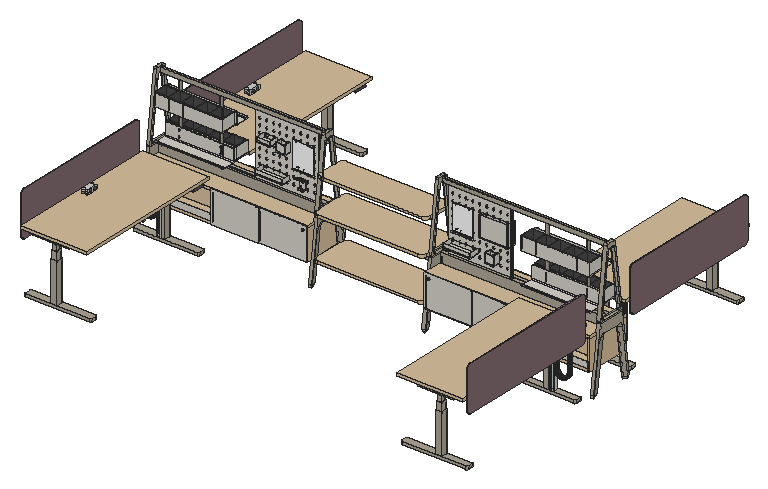
Revit family "Layout-Teknion-Expansion_Cityline_Upper_Structure_01-R2021", category Furniture Systems, Revit 2021 (continued)
Definition of nested family "Electrical-Teknion-JNHEA_Vertical_Wire_Carrier-R2021"
  Cuts and joins
    Sweep 10, Sweep 11, Sweep 12, Sweep 13, Sweep 14, Sweep 15, Sweep 16, Sweep 17, Sweep 18, Sweep 19, Sweep 20, Sweep 21, Sweep 22, Sweep 23, Sweep 24 cuts Sweep 4
    Sweep 6, Sweep 10, Sweep 13, Sweep 14, Sweep 15, Sweep 16 cuts Sweep 5
    joined: Sweep 4, Sweep 5
    Sweep 8 cuts Sweep 7
  Lines and regions (in)
    Masking region 1, visible <- "2D - HE/HU"
      outline origin (0, 0, 0) x (1, 0, 0) y (0, 1, 0)
        loop
          line (1.40551, 2.01575) -> (0.75, 2.01575) -> (0.75, 9.5) -> (-0.75, 9.5) -> (-0.75, 2.01575) -> (-1.40551, 2.01575) -> (-1.40551, 0.6811) -> (-1.35827, 0.6811) -> (-1.35827, 1.9685) -> (1.35827, 1.9685) -> (1.35827, 0.6811) -> (1.40551, 0.6811) -> (1.40551, 2.01575)
        loop
          line (-0.59252, 7.47239) -> (-0.59252, 7.267) -> (0.59252, 7.267) -> (0.59252, 7.47239) -> (-0.59252, 7.47239)
        loop
          line (-0.59252, 6.90175) -> (-0.59252, 6.43939) -> (0.59252, 6.43939) -> (0.59252, 6.90175) -> (-0.59252, 6.90175)
        loop
          line (-0.59252, 6.26847) -> (-0.59252, 5.69725) -> (0.59252, 5.69725) -> (0.59252, 6.26847) -> (-0.59252, 6.26847)
        loop
          line (-0.59252, 5.5055) -> (-0.59252, 5.07436) -> (0.59252, 5.07436) -> (0.59252, 5.5055) -> (-0.59252, 5.5055)
        loop
          line (-0.59252, 4.69042) -> (-0.59252, 4.52404) -> (0.59252, 4.52404) -> (0.59252, 4.69042) -> (-0.59252, 4.69042)
    Masking region 2, visible <- "2D - Navigate Freestanding"
      outline origin (9.51106, 0.99248, 0) x (1, 0, 0) y (0, 1, 0)
        loop
          line (-10.86932, -0.31138) -> (-10.86932, 0.97603) -> (-8.15279, 0.97603) -> (-8.15279, -0.31138) -> (-8.10554, -0.31138) -> (-8.10554, 1.02327) -> (-8.76106, 1.02327) -> (-8.76106, 8.50752) -> (-10.26106, 8.50752) -> (-10.26106, 1.02327) -> (-10.91657, 1.02327) -> (-10.91657, -0.31138) -> (-10.86932, -0.31138)
        loop
          line (-10.10358, 7.27209) -> (-10.10358, 7.05581) -> (-8.91854, 7.05581) -> (-8.91854, 7.27209) -> (-10.10358, 7.27209)
        loop
          line (-8.91854, 7.38946) -> (-8.91854, 7.43671) -> (-10.10358, 7.43671) -> (-10.10358, 7.38946) -> (-8.91854, 7.38946)
        loop
          line (-10.10358, 6.902) -> (-10.10358, 6.59063) -> (-8.91854, 6.59063) -> (-8.91854, 6.902) -> (-10.10358, 6.902)
        loop
          line (-10.10358, 6.47991) -> (-10.10358, 6.27452) -> (-8.91854, 6.27452) -> (-8.91854, 6.47991) -> (-10.10358, 6.47991)
        loop
          line (-10.10358, 6.17163) -> (-10.10358, 6.01236) -> (-8.91854, 6.01236) -> (-8.91854, 6.17163) -> (-10.10358, 6.17163)
        loop
          line (-10.10358, 5.90927) -> (-10.10358, 5.44691) -> (-8.91854, 5.44691) -> (-8.91854, 5.90927) -> (-10.10358, 5.90927)
        loop
          line (-10.10358, 5.27599) -> (-10.10358, 4.70477) -> (-8.91854, 4.70477) -> (-8.91854, 5.27599) -> (-10.10358, 5.27599)
        loop
          line (-10.10358, 4.51302) -> (-10.10358, 4.08188) -> (-8.91854, 4.08188) -> (-8.91854, 4.51302) -> (-10.10358, 4.51302)
        loop
          line (-10.10358, 3.97764) -> (-10.10358, 3.80198) -> (-8.91854, 3.80198) -> (-8.91854, 3.97764) -> (-10.10358, 3.97764)
        loop
          line (-10.10358, 3.69795) -> (-10.10358, 3.53156) -> (-8.91854, 3.53156) -> (-8.91854, 3.69795) -> (-10.10358, 3.69795)
        loop
          line (-10.10358, 3.42051) -> (-10.10358, 3.09454) -> (-8.91854, 3.09454) -> (-8.91854, 3.42051) -> (-10.10358, 3.42051)
        loop
          line (-10.10358, 2.98385) -> (-10.10358, 2.80315) -> (-8.91854, 2.80315) -> (-8.91854, 2.98385) -> (-10.10358, 2.98385)
    symbolic lines, visible <- "2D - HE/HU"
      curve 1: line (-0.75, 8.4685, 0) -> (0.75, 8.4685, 0)
      curve 2: line (0.75, 8.4362, 0) -> (-0.75, 8.4362, 0)
      curve 3: line (-0.59252, 8.36586, 0) -> (-0.67126, 8.36586, 0)
      curve 4: line (0.67126, 8.36586, 0) -> (0.59252, 8.36586, 0)
      curve 5: line (-0.59252, 8.36586, 0) -> (-0.59252, 8.42919, 0)
      curve 6: line (-0.67126, 8.36586, 0) -> (-0.67126, 8.42919, 0)
      curve 7: line (0.59252, 8.36586, 0) -> (0.59252, 8.42919, 0)
      curve 8: line (0.67126, 8.36586, 0) -> (0.67126, 8.42919, 0)
      curve 9: line (0.67126, 8.40239, 0) -> (0.75, 8.40239, 0)
      curve 10: line (-0.67126, 8.42919, 0) -> (0.67126, 8.42919, 0)
      curve 11: line (-0.67126, 8.40239, 0) -> (-0.75, 8.40239, 0)
      curve 12: line (0.75, 8.29208, 0) -> (-0.75, 8.29208, 0)
      curve 13: line (-0.67126, 8.26457, 0) -> (0.67126, 8.26457, 0)
      curve 14: line (-0.67126, 8.04816, 0) -> (-0.67126, 8.26457, 0)
      curve 15: line (-0.59252, 8.04816, 0) -> (-0.59252, 8.26457, 0)
      curve 16: line (0.67126, 8.26457, 0) -> (0.67126, 8.04816, 0)
      curve 17: line (0.59252, 8.04816, 0) -> (0.59252, 8.26457, 0)
      curve 18: line (-0.59252, 8.04816, 0) -> (-0.67126, 8.04816, 0)
      curve 19: line (0.67126, 8.04816, 0) -> (0.59252, 8.04816, 0)
      curve 20: line (-0.75, 8.1354, 0) -> (-0.67126, 8.1354, 0)
      curve 21: line (0.67126, 8.1354, 0) -> (0.75, 8.1354, 0)
      curve 22: line (0.75, 7.98452, 0) -> (-0.75, 7.98452, 0)
      curve 23: line (-0.67126, 7.93815, 0) -> (0.67126, 7.93815, 0)
      curve 24: line (-0.59252, 7.58298, 0) -> (-0.67126, 7.58298, 0)
      curve 25: line (0.67126, 7.58298, 0) -> (0.59252, 7.58298, 0)
      curve 26: line (-0.67126, 7.58298, 0) -> (-0.67126, 7.93815, 0)
      curve 27: line (-0.59252, 7.58298, 0) -> (-0.59252, 7.93815, 0)
      curve 28: line (0.59252, 7.58298, 0) -> (0.59252, 7.93815, 0)
      curve 29: line (0.67126, 7.58298, 0) -> (0.67126, 7.93815, 0)
      curve 30: line (-0.75, 7.68787, 0) -> (-0.67126, 7.68787, 0)
      curve 31: line (0.75, 7.68787, 0) -> (0.67126, 7.68787, 0)
      curve 32: line (0.75, 7.53419, 0) -> (-0.75, 7.53419, 0)
      curve 33: line (-0.67126, 7.47239, 0) -> (0.67126, 7.47239, 0)
      curve 34: line (-0.59252, 7.00474, 0) -> (-0.67126, 7.00474, 0)
      curve 35: line (0.67126, 7.00474, 0) -> (0.59252, 7.00474, 0)
      curve 36: line (-0.67126, 7.00474, 0) -> (-0.67126, 7.47239, 0)
      curve 37: line (-0.59252, 7.00474, 0) -> (-0.59252, 7.47239, 0)
      curve 38: line (0.67126, 7.00474, 0) -> (0.67126, 7.47239, 0)
      curve 39: line (0.59252, 7.00474, 0) -> (0.59252, 7.47239, 0)
      curve 40: line (-0.75, 7.09142, 0) -> (-0.67126, 7.09142, 0)
      curve 41: line (0.75, 7.09142, 0) -> (0.67126, 7.09142, 0)
      curve 42: line (0.75, 6.97442, 0) -> (-0.75, 6.97442, 0)
      curve 43: line (-0.67126, 6.90175, 0) -> (0.67126, 6.90175, 0)
      curve 44: line (-0.59252, 6.35623, 0) -> (-0.67126, 6.35623, 0)
      curve 45: line (0.67126, 6.35623, 0) -> (0.59252, 6.35623, 0)
      curve 46: line (0.75, 6.34662, 0) -> (-0.75, 6.34662, 0)
      curve 47: line (-0.67126, 6.35623, 0) -> (-0.67126, 6.90175, 0)
      curve 48: line (-0.59252, 6.35623, 0) -> (-0.59252, 6.90175, 0)
      curve 49: line (0.59252, 6.35623, 0) -> (0.59252, 6.90175, 0)
      curve 50: line (0.67126, 6.35623, 0) -> (0.67126, 6.90175, 0)
      curve 51: line (-0.75, 6.39016, 0) -> (-0.67126, 6.39016, 0)
      curve 52: line (0.75, 6.39016, 0) -> (0.67126, 6.39016, 0)
      curve 53: line (-0.75, 5.69725, 0) -> (0.75, 5.69725, 0)
      curve 54: line (-0.67126, 6.26847, 0) -> (0.67126, 6.26847, 0)
      curve 55: line (-0.67126, 5.69725, 0) -> (-0.67126, 6.26847, 0)
      curve 56: line (0.67126, 5.69725, 0) -> (0.67126, 6.26847, 0)
      curve 57: line (0.75, 5.07436, 0) -> (-0.75, 5.07436, 0)
      curve 58: line (-0.67126, 5.6194, 0) -> (0.67126, 5.6194, 0)
      curve 59: line (-0.67126, 5.6194, 0) -> (-0.67126, 5.07436, 0)
      curve 60: line (-0.59252, 5.56585, 0) -> (-0.59252, 5.07436, 0)
      curve 61: line (-0.59252, 5.56585, 0) -> (-0.67126, 5.56585, 0)
      curve 62: line (0.67126, 5.6194, 0) -> (0.67126, 5.07436, 0)
      curve 63: line (0.59252, 5.56585, 0) -> (0.59252, 5.07436, 0)
      curve 64: line (0.59252, 5.56585, 0) -> (0.67126, 5.56585, 0)
      curve 65: line (-0.67126, 5.00257, 0) -> (0.67126, 5.00257, 0)
      curve 66: line (0.75, 4.52404, 0) -> (-0.75, 4.52404, 0)
      curve 67: line (-0.67126, 5.00257, 0) -> (-0.67126, 4.52404, 0)
      curve 68: line (0.67126, 5.00257, 0) -> (0.67126, 4.52404, 0)
      curve 69: line (-0.59252, 4.87308, 0) -> (-0.59252, 4.52404, 0)
      curve 70: line (0.59252, 4.87308, 0) -> (0.59252, 4.52404, 0)
      curve 71: line (-0.59252, 4.87308, 0) -> (-0.67126, 4.87308, 0)
      curve 72: line (0.59252, 4.87308, 0) -> (0.67126, 4.87308, 0)
      curve 73: line (-0.67126, 4.46363, 0) -> (0.67126, 4.46363, 0)
      curve 74: line (-0.67126, 4.46363, 0) -> (-0.67126, 4.08702, 0)
      curve 75: line (-0.59252, 4.29007, 0) -> (-0.59252, 4.08702, 0)
      curve 76: line (0.75, 4.08702, 0) -> (-0.75, 4.08702, 0)
      curve 77: line (0.59252, 4.29007, 0) -> (0.59252, 4.08702, 0)
      curve 78: line (0.67126, 4.46363, 0) -> (0.67126, 4.08702, 0)
      curve 79: line (0.59252, 4.29007, 0) -> (0.67126, 4.29007, 0)
      curve 80: line (-0.59252, 4.29007, 0) -> (-0.67126, 4.29007, 0)
      curve 81: line (-0.67126, 4.04245, 0) -> (0.67126, 4.04245, 0)
      curve 82: line (0.75, 3.79563, 0) -> (-0.75, 3.79563, 0)
      curve 83: line (0.75, 3.72047, 0) -> (-0.75, 3.72047, 0)
      curve 84: line (-0.67126, 3.7702, 0) -> (0.67126, 3.7702, 0)
      curve 85: line (-0.67126, 4.04245, 0) -> (-0.67126, 3.79563, 0)
      curve 86: line (-0.59252, 3.85995, 0) -> (-0.59252, 3.79563, 0)
      curve 87: line (0.59252, 3.85995, 0) -> (0.59252, 3.79563, 0)
      curve 88: line (0.67126, 4.04245, 0) -> (0.67126, 3.79563, 0)
      curve 89: line (0.67126, 3.7702, 0) -> (0.67126, 3.72047, 0)
      curve 90: line (-0.67126, 3.7702, 0) -> (-0.67126, 3.72047, 0)
      curve 91: line (-0.59252, 3.85995, 0) -> (-0.67126, 3.85995, 0)
      curve 92: line (0.59252, 3.85995, 0) -> (0.67126, 3.85995, 0)
    symbolic lines
      curve 93: line (-0.75, 3.72047, 0) -> (-0.75, 1.9685, 0)
      curve 94: line (0.75, 3.72047, 0) -> (0.75, 1.9685, 0)
    symbolic lines, detail levels medium+fine
      curve 95: line (-1.35827, 1.85827, 0) -> (-1.40551, 1.85827, 0)
      curve 96: line (1.35827, 1.85827, 0) -> (1.40551, 1.85827, 0)
      curve 97: line (-0.70276, 1.9685, 0) -> (-0.70276, 2.75709, 0)
      curve 98: line (-0.70276, 2.75709, 0) -> (0.70276, 2.75709, 0)
      curve 99: line (0.70276, 2.75709, 0) -> (0.70276, 1.9685, 0)
      curve 100: line (0.75, 2.48701, 0) -> (0.70276, 2.48701, 0)
      curve 101: line (-0.70276, 2.48701, 0) -> (-0.75, 2.48701, 0)
      curve 102: line (-0.49213, 2.80433, 0) -> (-0.49213, 2.75709, 0)
      curve 103: line (0.49213, 2.75709, 0) -> (0.49213, 2.80433, 0)
      curve 104: line (0.75, 2.80433, 0) -> (-0.75, 2.80433, 0)
      curve 105: line (-0.75, 2.80315, 0) -> (0.75, 2.80315, 0)
    symbolic lines, visible <- "2D - HE/HU", detail levels medium+fine
      curve 106: line (-0.75, 2.88189, 0) -> (0.75, 2.88189, 0)
      curve 107: line (0.67126, 2.8855, 0) -> (-0.67126, 2.8855, 0)
      curve 108: line (-0.75, 2.88643, 0) -> (0.75, 2.88643, 0)
      curve 109: line (0.67126, 2.90837, 0) -> (-0.67126, 2.90837, 0)
      curve 110: line (-0.75, 2.91278, 0) -> (0.75, 2.91278, 0)
      curve 111: line (-0.59252, 2.96063, 0) -> (-0.59252, 6.31711, 0)
      curve 112: line (-0.59252, 6.31711, 0) -> (-0.67126, 6.31711, 0)
      curve 113: line (-0.59252, 2.96063, 0) -> (-0.67126, 2.96063, 0)
      curve 114: line (-0.59252, 2.96517, 0) -> (-0.67126, 2.96517, 0)
      curve 115: line (-0.59252, 2.9914, 0) -> (-0.67126, 2.9914, 0)
      curve 116: line (0.67126, 3.05107, 0) -> (-0.67126, 3.05107, 0)
      curve 117: line (-0.75, 3.0765, 0) -> (0.75, 3.0765, 0)
      curve 118: line (-0.59252, 3.15102, 0) -> (-0.67126, 3.15102, 0)
      curve 119: line (0.67126, 3.41606, 0) -> (-0.67126, 3.41606, 0)
      curve 120: line (-0.75, 3.46064, 0) -> (0.75, 3.46064, 0)
      curve 121: line (-0.59252, 3.52555, 0) -> (-0.67126, 3.52555, 0)
      curve 122: line (0.67126, 3.52555, 0) -> (0.59252, 3.52555, 0)
      curve 123: line (0.67126, 3.15102, 0) -> (0.59252, 3.15102, 0)
      curve 124: line (0.67126, 2.9914, 0) -> (0.59252, 2.9914, 0)
      curve 125: line (0.67126, 2.96517, 0) -> (0.59252, 2.96517, 0)
      curve 126: line (0.59252, 2.96063, 0) -> (0.67126, 2.96063, 0)
      curve 127: line (0.59252, 2.96063, 0) -> (0.59252, 6.31711, 0)
      curve 128: line (0.59252, 6.31711, 0) -> (0.67126, 6.31711, 0)
      curve 129: line (-0.75, 3.64173, 0) -> (0.75, 3.64173, 0)
      curve 130: line (0.75, 3.64622, 0) -> (-0.75, 3.64622, 0)
      curve 131: line (-0.67126, 3.64529, 0) -> (0.67126, 3.64529, 0)
      curve 132: line (-0.75, 3.17885, 0) -> (-0.67126, 3.17885, 0)
      curve 133: line (-0.75, 2.93344, 0) -> (-0.67126, 2.93344, 0)
      curve 134: line (0.75, 2.93344, 0) -> (0.67126, 2.93344, 0)
      curve 135: line (0.75, 3.17885, 0) -> (0.67126, 3.17885, 0)
      curve 136: line (-0.59252, 3.56749, 0) -> (-0.67126, 3.56749, 0)
      curve 137: line (0.67126, 3.56749, 0) -> (0.59252, 3.56749, 0)
      curve 138: line (-0.59252, 3.59281, 0) -> (-0.67126, 3.59281, 0)
      curve 139: line (0.67126, 3.59281, 0) -> (0.59252, 3.59281, 0)
      curve 140: line (-0.67126, 3.66702, 0) -> (0.67126, 3.66702, 0)
      curve 141: line (-0.75, 3.67143, 0) -> (0.75, 3.67143, 0)
      curve 142: line (-0.59252, 3.56299, 0) -> (-0.67126, 3.56299, 0)
      curve 143: line (-0.59252, 3.57203, 0) -> (-0.67126, 3.57203, 0)
      curve 144: line (-0.59252, 3.61455, 0) -> (-0.67126, 3.61455, 0)
      curve 145: line (0.67126, 3.61455, 0) -> (0.59252, 3.61455, 0)
      curve 146: line (0.67126, 3.572, 0) -> (0.59252, 3.572, 0)
      curve 147: line (0.67126, 3.56299, 0) -> (0.59252, 3.56299, 0)
      curve 148: line (-0.59252, 3.72111, 0) -> (-0.67126, 3.72111, 0)
      curve 149: line (0.59252, 3.72111, 0) -> (0.67126, 3.72111, 0)
      curve 150: line (-0.75, 4.03675, 0) -> (0.75, 4.03675, 0)
      curve 151: line (0.67126, 3.97633, 0) -> (-0.67126, 3.97633, 0)
      curve 152: line (-0.59252, 4.02211, 0) -> (-0.67126, 4.02211, 0)
      curve 153: line (0.67126, 4.02211, 0) -> (0.59252, 4.02211, 0)
      curve 154: line (-0.59252, 3.85995, 0) -> (-0.67126, 3.85995, 0)
      curve 155: line (0.59252, 3.85995, 0) -> (0.67126, 3.85995, 0)
      curve 156: line (0.67126, 4.08725, 0) -> (0.59252, 4.08725, 0)
      curve 157: line (-0.59252, 4.08725, 0) -> (-0.67126, 4.08725, 0)
      curve 158: line (-0.59252, 4.47355, 0) -> (-0.67126, 4.47355, 0)
      curve 159: line (0.67126, 4.47355, 0) -> (0.59252, 4.47355, 0)
      curve 160: line (-0.59252, 5.04201, 0) -> (-0.67126, 5.04201, 0)
      curve 161: line (0.67126, 5.04201, 0) -> (0.59252, 5.04201, 0)
      curve 162: line (-0.75, 4.76221, 0) -> (0.75, 4.76221, 0)
      curve 163: line (0.67126, 4.69042, 0) -> (-0.67126, 4.69042, 0)
      curve 164: line (-0.59252, 4.79456, 0) -> (-0.67126, 4.79456, 0)
      curve 165: line (0.67126, 4.79456, 0) -> (0.59252, 4.79456, 0)
      curve 166: line (0.67126, 5.5055, 0) -> (-0.67126, 5.5055, 0)
      curve 167: line (-0.75, 5.58335, 0) -> (0.75, 5.58335, 0)
      curve 168: line (-0.59252, 5.59515, 0) -> (-0.67126, 5.59515, 0)
      curve 169: line (-0.59252, 5.68544, 0) -> (-0.67126, 5.68544, 0)
      curve 170: line (0.67126, 5.68544, 0) -> (0.59252, 5.68544, 0)
      curve 171: line (0.67126, 5.59515, 0) -> (0.59252, 5.59515, 0)
      curve 172: line (0.67126, 6.36124, 0) -> (-0.67126, 6.36124, 0)
      curve 173: line (-0.75, 6.43939, 0) -> (0.75, 6.43939, 0)
      curve 174: line (0.67126, 6.42978, 0) -> (0.59252, 6.42978, 0)
      curve 175: line (-0.59252, 6.42978, 0) -> (-0.67126, 6.42978, 0)
      curve 176: line (0.67126, 7.19433, 0) -> (-0.67126, 7.19433, 0)
      curve 177: line (-0.75, 7.267, 0) -> (0.75, 7.267, 0)
      curve 178: line (-0.59252, 7.23668, 0) -> (-0.67126, 7.23668, 0)
      curve 179: line (0.67126, 7.23668, 0) -> (0.59252, 7.23668, 0)
      curve 180: line (0.67126, 7.94313, 0) -> (-0.67126, 7.94313, 0)
      curve 181: line (-0.59252, 7.95616, 0) -> (-0.67126, 7.95616, 0)
      curve 182: line (0.67126, 7.95616, 0) -> (0.59252, 7.95616, 0)
      curve 183: line (-0.75, 8.00494, 0) -> (0.75, 8.00494, 0)
      curve 184: line (0.67126, 8.55222, 0) -> (-0.67126, 8.55222, 0)
      curve 185: line (-0.59252, 8.51463, 0) -> (-0.67126, 8.51463, 0)
      curve 186: line (0.67126, 8.51463, 0) -> (0.59252, 8.51463, 0)
      curve 187: line (-0.59252, 8.53496, 0) -> (-0.67126, 8.53496, 0)
      curve 188: line (0.67126, 8.53496, 0) -> (0.59252, 8.53496, 0)
      curve 189: line (-0.67126, 8.54724, 0) -> (-0.59252, 8.54724, 0)
      curve 190: line (0.59252, 8.54724, 0) -> (0.67126, 8.54724, 0)
      curve 191: line (-0.75, 8.59859, 0) -> (0.75, 8.59859, 0)
      curve 192: line (-0.75, 9.00404, 0) -> (0.75, 9.00404, 0)
      curve 193: line (0.67126, 8.97653, 0) -> (-0.67126, 8.97653, 0)
      curve 194: line (-0.59252, 8.93026, 0) -> (-0.67126, 8.93026, 0)
      curve 195: line (0.67126, 8.93026, 0) -> (0.59252, 8.93026, 0)
      curve 196: line (-0.59252, 9.1146, 0) -> (-0.67126, 9.1146, 0)
      curve 197: line (0.67126, 9.1146, 0) -> (0.59252, 9.1146, 0)
      curve 198: line (-0.67126, 9.14961, 0) -> (-0.59252, 9.14961, 0)
      curve 199: line (0.59252, 9.14961, 0) -> (0.67126, 9.14961, 0)
      curve 200: line (0.67126, 9.18602, 0) -> (-0.67126, 9.18602, 0)
      curve 201: line (-0.75, 9.19303, 0) -> (0.75, 9.19303, 0)
      curve 202: line (0.75, 9.22835, 0) -> (-0.75, 9.22835, 0)
      curve 203: line (-0.59252, 6.35623, 0) -> (-0.59252, 9.14961, 0)
      curve 204: line (0.59252, 9.14961, 0) -> (0.59252, 6.35623, 0)
      curve 205: line (-0.67126, 2.88189, 0) -> (-0.67126, 9.5, 0)
      curve 206: line (0.67126, 2.88189, 0) -> (0.67126, 9.5, 0)
      curve 207: line (-0.75, 3.60897, 0) -> (-0.67126, 3.60897, 0)
      curve 208: line (0.75, 3.60897, 0) -> (0.67126, 3.60897, 0)
      curve 209: line (-0.75, 4.88475, 0) -> (-0.67126, 4.88475, 0)
      curve 210: line (-0.75, 4.19198, 0) -> (-0.67126, 4.19198, 0)
      curve 211: line (0.75, 4.88475, 0) -> (0.67126, 4.88475, 0)
      curve 212: line (0.75, 4.19198, 0) -> (0.67126, 4.19198, 0)
      curve 213: line (-0.75, 5.63601, 0) -> (-0.67126, 5.63601, 0)
      curve 214: line (0.75, 5.63601, 0) -> (0.67126, 5.63601, 0)
      curve 215: line (-0.67126, 7.07127, 0) -> (-0.59252, 7.07127, 0)
      curve 216: line (-0.67126, 7.77252, 0) -> (-0.59252, 7.77252, 0)
      curve 217: line (0.67126, 7.07127, 0) -> (0.59252, 7.07127, 0)
      curve 218: line (0.67126, 7.77252, 0) -> (0.59252, 7.77252, 0)
      curve 219: line (-0.67126, 9.08198, 0) -> (-0.59252, 9.08198, 0)
      curve 220: line (-0.67126, 8.8165, 0) -> (-0.59252, 8.8165, 0)
      curve 221: line (0.67126, 9.08198, 0) -> (0.59252, 9.08198, 0)
      curve 222: line (0.67126, 8.8165, 0) -> (0.59252, 8.8165, 0)
      curve 223: line (-0.75, 2.89092, 0) -> (-0.67126, 2.89092, 0)
      curve 224: line (0.75, 2.89092, 0) -> (0.67126, 2.89092, 0)
    symbolic lines, visible <- "2D - Navigate Freestanding"
      curve 225: line (-0.75, 8.4685, 0) -> (0.75, 8.4685, 0)
      curve 226: line (0.75, 8.4362, 0) -> (-0.75, 8.4362, 0)
      curve 227: line (0.75, 8.29208, 0) -> (-0.75, 8.29208, 0)
      curve 228: line (-0.67126, 8.26457, 0) -> (0.67126, 8.26457, 0)
      curve 229: line (0.75, 7.98452, 0) -> (-0.75, 7.98452, 0)
      curve 230: line (-0.67126, 8.04829, 0) -> (0.67126, 8.04829, 0)
      curve 231: line (0.67126, 8.42919, 0) -> (0.67126, 8.36586, 0)
      curve 232: line (0.67126, 8.36586, 0) -> (0.59252, 8.36586, 0)
      curve 233: line (0.59252, 8.36586, 0) -> (0.59252, 8.42919, 0)
      curve 234: line (-0.67126, 8.42919, 0) -> (-0.67126, 8.36586, 0)
      curve 235: line (-0.67126, 8.36586, 0) -> (-0.59252, 8.36586, 0)
      curve 236: line (-0.59252, 8.36586, 0) -> (-0.59252, 8.42919, 0)
      curve 237: line (-0.67126, 8.26457, 0) -> (-0.67126, 8.04829, 0)
      curve 238: line (0.67126, 8.26457, 0) -> (0.67126, 8.04829, 0)
      curve 239: line (-0.67126, 8.42919, 0) -> (0.67126, 8.42919, 0)
      curve 240: line (-0.67126, 7.93815, 0) -> (0.67126, 7.93815, 0)
      curve 241: line (-0.67126, 7.58311, 0) -> (-0.67126, 7.93815, 0)
      curve 242: line (0.67126, 7.58311, 0) -> (-0.67126, 7.58311, 0)
      curve 243: line (0.67126, 7.93815, 0) -> (0.67126, 7.58311, 0)
      curve 244: line (-0.59252, 7.93815, 0) -> (-0.59252, 7.58311, 0)
      curve 245: line (0.59252, 7.93815, 0) -> (0.59252, 7.58311, 0)
      curve 246: line (0.75, 7.53419, 0) -> (-0.75, 7.53419, 0)
      curve 247: line (-0.67126, 7.47239, 0) -> (0.67126, 7.47239, 0)
      curve 248: line (-0.67126, 7.00484, 0) -> (-0.67126, 7.47239, 0)
      curve 249: line (0.67126, 7.00484, 0) -> (-0.67126, 7.00484, 0)
      curve 250: line (0.67126, 7.47239, 0) -> (0.67126, 7.00484, 0)
      curve 251: line (-0.59252, 7.47239, 0) -> (-0.59252, 7.00484, 0)
      curve 252: line (0.59252, 7.47239, 0) -> (0.59252, 7.00484, 0)
      curve 253: line (0.59252, 7.23678, 0) -> (-0.59252, 7.23678, 0)
      curve 254: line (-0.75, 5.69725, 0) -> (0.75, 5.69725, 0)
      curve 255: line (-0.67126, 5.69725, 0) -> (-0.67126, 6.26847, 0)
      curve 256: line (-0.67126, 6.26847, 0) -> (0.67126, 6.26847, 0)
      curve 257: line (0.67126, 6.26847, 0) -> (0.67126, 5.69725, 0)
      curve 258: line (-0.75, 5.07436, 0) -> (0.75, 5.07436, 0)
      curve 259: line (-0.67126, 5.07436, 0) -> (-0.67126, 5.6194, 0)
      curve 260: line (-0.67126, 5.6194, 0) -> (0.67126, 5.6194, 0)
      curve 261: line (0.67126, 5.6194, 0) -> (0.67126, 5.07436, 0)
      curve 262: line (-0.59252, 5.07436, 0) -> (-0.59252, 5.60755, 0)
      curve 263: line (-0.59252, 5.60755, 0) -> (0.59252, 5.60755, 0)
      curve 264: line (0.59252, 5.60755, 0) -> (0.59252, 5.07436, 0)
      curve 265: line (0.59252, 5.51726, 0) -> (-0.59252, 5.51726, 0)
      curve 266: line (-0.59252, 5.5254, 0) -> (-0.67126, 5.5254, 0)
      curve 267: line (0.59252, 5.5254, 0) -> (0.67126, 5.5254, 0)
      curve 268: line (-0.59252, 5.59511, 0) -> (0.59252, 5.59511, 0)
      curve 269: line (-0.75, 6.94105, 0) -> (0.75, 6.94105, 0)
      curve 270: line (0.75, 6.34662, 0) -> (-0.75, 6.34662, 0)
      curve 271: line (-0.67126, 6.90175, 0) -> (0.67126, 6.90175, 0)
      curve 272: line (-0.67126, 6.35627, 0) -> (-0.67126, 6.90175, 0)
      curve 273: line (0.67126, 6.35627, 0) -> (-0.67126, 6.35627, 0)
      curve 274: line (0.67126, 6.90175, 0) -> (0.67126, 6.35627, 0)
      curve 275: line (-0.59252, 6.35627, 0) -> (-0.59252, 6.90175, 0)
      curve 276: line (0.59252, 6.90175, 0) -> (0.59252, 6.35627, 0)
      curve 277: line (-0.59252, 6.42981, 0) -> (0.59252, 6.42981, 0)
      curve 278: line (-0.75, 4.52404, 0) -> (0.75, 4.52404, 0)
      curve 279: line (-0.67126, 4.52404, 0) -> (-0.67126, 5.00257, 0)
      curve 280: line (-0.67126, 5.00257, 0) -> (0.67126, 5.00257, 0)
      curve 281: line (0.67126, 5.00257, 0) -> (0.67126, 4.52404, 0)
      curve 282: line (0.59252, 4.97012, 0) -> (0.59252, 4.52404, 0)
      curve 283: line (-0.59252, 4.97012, 0) -> (-0.59252, 4.52404, 0)
      curve 284: line (-0.59252, 4.72267, 0) -> (0.59252, 4.72267, 0)
      curve 285: line (-0.75, 4.08702, 0) -> (0.75, 4.08702, 0)
      curve 286: line (-0.67126, 4.08702, 0) -> (-0.67126, 4.46363, 0)
      curve 287: line (-0.67126, 4.46363, 0) -> (0.67126, 4.46363, 0)
      curve 288: line (0.67126, 4.46363, 0) -> (0.67126, 4.08702, 0)
      curve 289: line (0.59252, 4.08702, 0) -> (0.59252, 4.41357, 0)
      curve 290: line (-0.59252, 4.41299, 0) -> (-0.59252, 4.08702, 0)
      curve 291: line (-0.75, 3.79563, 0) -> (0.75, 3.79563, 0)
      curve 292: line (-0.67126, 3.79563, 0) -> (-0.67126, 4.04245, 0)
      curve 293: line (-0.67126, 4.04245, 0) -> (0.67126, 4.04245, 0)
      curve 294: line (0.67126, 4.04245, 0) -> (0.67126, 3.79563, 0)
      curve 295: line (-0.59252, 3.79563, 0) -> (-0.59252, 3.97741, 0)
      curve 296: line (-0.59252, 3.97741, 0) -> (0.59252, 3.97741, 0)
      curve 297: line (0.59252, 3.97741, 0) -> (0.59252, 3.79563, 0)
      curve 298: line (-0.75, 3.72047, 0) -> (0.75, 3.72047, 0)
      curve 299: line (-0.67126, 3.72047, 0) -> (-0.67126, 3.7702, 0)
      curve 300: line (-0.67126, 3.7702, 0) -> (0.67126, 3.7702, 0)
      curve 301: line (0.67126, 3.7702, 0) -> (0.67126, 3.72047, 0)
      curve 302: line (-0.67126, 8.40088, 0) -> (-0.75, 8.40088, 0)
      curve 303: line (0.67126, 8.40088, 0) -> (0.75, 8.40088, 0)
      curve 304: line (0.67126, 8.1354, 0) -> (0.75, 8.1354, 0)
      curve 305: line (-0.67126, 8.1354, 0) -> (-0.75, 8.1354, 0)
      curve 306: line (0.67126, 7.68787, 0) -> (0.75, 7.68787, 0)
      curve 307: line (-0.67126, 7.68787, 0) -> (-0.75, 7.68787, 0)
      curve 308: line (0.67126, 7.09142, 0) -> (0.75, 7.09142, 0)
      curve 309: line (-0.67126, 7.09142, 0) -> (-0.75, 7.09142, 0)
      curve 310: line (0.67126, 6.39016, 0) -> (0.75, 6.39016, 0)
      curve 311: line (-0.67126, 6.39016, 0) -> (-0.75, 6.39016, 0)
      curve 312: line (-0.59252, 4.87308, 0) -> (-0.67126, 4.87308, 0)
      curve 313: line (0.59252, 4.87308, 0) -> (0.67126, 4.87308, 0)
      curve 314: line (0.59252, 4.29007, 0) -> (0.67126, 4.29007, 0)
      curve 315: line (-0.59252, 4.29007, 0) -> (-0.67126, 4.29007, 0)
      curve 316: line (0.67126, 3.85995, 0) -> (0.59252, 3.85995, 0)
      curve 317: line (-0.67126, 3.85995, 0) -> (-0.59252, 3.85995, 0)
    symbolic lines, visible <- "2D - Navigate Freestanding", detail levels medium+fine
      curve 318: line (-0.75, 2.88189, 0) -> (0.75, 2.88189, 0)
      curve 319: line (0.67126, 2.8855, 0) -> (-0.67126, 2.8855, 0)
      curve 320: line (-0.75, 2.88643, 0) -> (0.75, 2.88643, 0)
      curve 321: line (0.67126, 2.90837, 0) -> (-0.67126, 2.90837, 0)
      curve 322: line (-0.75, 2.91278, 0) -> (0.75, 2.91278, 0)
      curve 323: line (-0.67126, 2.96063, 0) -> (0.67126, 2.96063, 0)
      curve 324: line (0.59252, 2.96423, 0) -> (-0.59252, 2.96423, 0)
      curve 325: line (-0.67126, 2.96517, 0) -> (0.67126, 2.96517, 0)
      curve 326: line (0.59252, 2.98697, 0) -> (-0.59252, 2.98697, 0)
      curve 327: line (0.67126, 2.99138, 0) -> (-0.67126, 2.99138, 0)
      curve 328: line (0.67126, 3.05107, 0) -> (-0.67126, 3.05107, 0)
      curve 329: line (-0.75, 3.0765, 0) -> (0.75, 3.0765, 0)
      curve 330: line (0.59252, 3.11073, 0) -> (-0.59252, 3.11073, 0)
      curve 331: line (-0.59252, 3.13616, 0) -> (0.59252, 3.13616, 0)
      curve 332: line (-0.59252, 3.15102, 0) -> (-0.67126, 3.15102, 0)
      curve 333: line (0.67126, 3.15102, 0) -> (0.59252, 3.15102, 0)
      curve 334: line (0.67126, 3.41606, 0) -> (-0.67126, 3.41606, 0)
      curve 335: line (-0.75, 3.46064, 0) -> (0.75, 3.46064, 0)
      curve 336: line (0.59252, 3.48085, 0) -> (-0.59252, 3.48085, 0)
      curve 337: line (-0.67126, 3.52542, 0) -> (0.67126, 3.52542, 0)
      curve 338: line (-0.67126, 3.56299, 0) -> (0.67126, 3.56299, 0)
      curve 339: line (-0.59252, 3.56655, 0) -> (0.59252, 3.56655, 0)
      curve 340: line (-0.67126, 3.56748, 0) -> (0.67126, 3.56748, 0)
      curve 341: line (-0.59252, 3.58839, 0) -> (0.59252, 3.58839, 0)
      curve 342: line (-0.67126, 3.5928, 0) -> (0.67126, 3.5928, 0)
      curve 343: line (-0.75, 3.64173, 0) -> (0.75, 3.64173, 0)
      curve 344: line (-0.67126, 3.64529, 0) -> (0.67126, 3.64529, 0)
      curve 345: line (0.75, 3.64622, 0) -> (-0.75, 3.64622, 0)
      curve 346: line (-0.67126, 3.66702, 0) -> (0.67126, 3.66702, 0)
      curve 347: line (-0.75, 3.67143, 0) -> (0.75, 3.67143, 0)
      curve 348: line (-0.59252, 3.68081, 0) -> (0.59252, 3.68081, 0)
      curve 349: line (0.59252, 3.70624, 0) -> (-0.59252, 3.70624, 0)
      curve 350: line (0.75, 3.72047, 0) -> (-0.75, 3.72047, 0)
      curve 351: line (-0.59252, 3.72111, 0) -> (-0.67126, 3.72111, 0)
      curve 352: line (0.67126, 3.72111, 0) -> (0.59252, 3.72111, 0)
      curve 353: line (-0.67126, 3.7702, 0) -> (0.67126, 3.7702, 0)
      curve 354: line (0.75, 3.79563, 0) -> (-0.75, 3.79563, 0)
      curve 355: line (0.67126, 3.97633, 0) -> (-0.67126, 3.97633, 0)
      curve 356: line (-0.59252, 3.97741, 0) -> (0.59252, 3.97741, 0)
      curve 357: line (-0.67126, 4.02198, 0) -> (0.67126, 4.02198, 0)
      curve 358: line (0.59252, 4.02669, 0) -> (-0.59252, 4.02669, 0)
      curve 359: line (-0.75, 4.03675, 0) -> (0.75, 4.03675, 0)
      curve 360: line (-0.67126, 4.04245, 0) -> (0.67126, 4.04245, 0)
      curve 361: line (0.75, 4.08702, 0) -> (-0.75, 4.08702, 0)
      curve 362: line (-0.59252, 4.41299, 0) -> (0.59252, 4.41299, 0)
      curve 363: line (-0.67126, 4.46363, 0) -> (0.67126, 4.46363, 0)
      curve 364: line (-0.67126, 4.47341, 0) -> (0.67126, 4.47341, 0)
      curve 365: line (0.75, 4.52404, 0) -> (-0.75, 4.52404, 0)
      curve 366: line (0.67126, 4.69042, 0) -> (-0.67126, 4.69042, 0)
      curve 367: line (0.59252, 4.72267, 0) -> (-0.59252, 4.72267, 0)
      curve 368: line (-0.75, 4.76221, 0) -> (0.75, 4.76221, 0)
      curve 369: line (-0.67126, 4.79446, 0) -> (0.67126, 4.79446, 0)
      curve 370: line (-0.59252, 4.97012, 0) -> (0.59252, 4.97012, 0)
      curve 371: line (-0.67126, 5.00257, 0) -> (0.67126, 5.00257, 0)
      curve 372: line (-0.67126, 5.04191, 0) -> (0.67126, 5.04191, 0)
      curve 373: line (0.75, 5.07436, 0) -> (-0.75, 5.07436, 0)
      curve 374: line (0.67126, 5.5055, 0) -> (-0.67126, 5.5055, 0)
      curve 375: line (0.59252, 5.51726, 0) -> (-0.59252, 5.51726, 0)
      curve 376: line (-0.75, 5.58335, 0) -> (0.75, 5.58335, 0)
      curve 377: line (-0.67126, 5.59511, 0) -> (0.67126, 5.59511, 0)
      curve 378: line (-0.59252, 5.60755, 0) -> (0.59252, 5.60755, 0)
      curve 379: line (-0.67126, 5.6194, 0) -> (0.67126, 5.6194, 0)
      curve 380: line (-0.67126, 5.6854, 0) -> (0.67126, 5.6854, 0)
      curve 381: line (-0.75, 5.69725, 0) -> (0.75, 5.69725, 0)
      curve 382: line (-0.67126, 6.26847, 0) -> (0.67126, 6.26847, 0)
      curve 383: line (-0.59252, 6.27811, 0) -> (0.59252, 6.27811, 0)
      curve 384: line (0.75, 6.34662, 0) -> (-0.75, 6.34662, 0)
      curve 385: line (0.59252, 6.35166, 0) -> (-0.59252, 6.35166, 0)
      curve 386: line (-0.59252, 6.35623, 0) -> (-0.67126, 6.35623, 0)
      curve 387: line (0.67126, 6.35623, 0) -> (0.59252, 6.35623, 0)
      curve 388: line (0.59252, 6.35627, 0) -> (-0.59252, 6.35627, 0)
      curve 389: line (0.67126, 6.36124, 0) -> (-0.67126, 6.36124, 0)
      curve 390: line (0.67126, 6.42981, 0) -> (-0.67126, 6.42981, 0)
      curve 391: line (-0.75, 6.43939, 0) -> (0.75, 6.43939, 0)
      curve 392: line (-0.67126, 6.90175, 0) -> (0.67126, 6.90175, 0)
      curve 393: line (-0.59252, 6.93217, 0) -> (0.59252, 6.93217, 0)
      curve 394: line (0.75, 6.97442, 0) -> (-0.75, 6.97442, 0)
      curve 395: line (-0.67126, 7.00484, 0) -> (0.67126, 7.00484, 0)
      curve 396: line (0.59252, 7.16411, 0) -> (-0.59252, 7.16411, 0)
      curve 397: line (0.67126, 7.19433, 0) -> (-0.67126, 7.19433, 0)
      curve 398: line (-0.67126, 7.23678, 0) -> (0.67126, 7.23678, 0)
      curve 399: line (-0.75, 7.267, 0) -> (0.75, 7.267, 0)
      curve 400: line (-0.67126, 7.47239, 0) -> (0.67126, 7.47239, 0)
      curve 401: line (-0.59252, 7.5213, 0) -> (0.59252, 7.5213, 0)
      curve 402: line (0.75, 7.53419, 0) -> (-0.75, 7.53419, 0)
      curve 403: line (-0.67126, 7.58311, 0) -> (0.67126, 7.58311, 0)
      curve 404: line (0.59252, 7.89448, 0) -> (-0.59252, 7.89448, 0)
      curve 405: line (-0.67126, 7.93815, 0) -> (0.67126, 7.93815, 0)
      curve 406: line (0.67126, 7.94313, 0) -> (-0.67126, 7.94313, 0)
      curve 407: line (0.75, 7.98452, 0) -> (-0.75, 7.98452, 0)
      curve 408: line (-0.67126, 7.95629, 0) -> (0.67126, 7.95629, 0)
      curve 409: line (-0.59252, 8.00191, 0) -> (0.59252, 8.00191, 0)
      curve 410: line (-0.75, 8.00494, 0) -> (0.75, 8.00494, 0)
      curve 411: line (-0.67126, 8.04829, 0) -> (0.67126, 8.04829, 0)
      curve 412: line (-0.67126, 8.26457, 0) -> (0.67126, 8.26457, 0)
      curve 413: line (0.75, 8.29208, 0) -> (-0.75, 8.29208, 0)
      curve 414: line (-0.59252, 8.35443, 0) -> (0.59252, 8.35443, 0)
      curve 415: line (-0.59252, 8.36586, 0) -> (-0.67126, 8.36586, 0)
      curve 416: line (0.67126, 8.36586, 0) -> (0.59252, 8.36586, 0)
      curve 417: line (0.59252, 8.38194, 0) -> (-0.59252, 8.38194, 0)
      curve 418: line (-0.67126, 8.42919, 0) -> (0.67126, 8.42919, 0)
      curve 419: line (0.75, 8.4362, 0) -> (-0.75, 8.4362, 0)
      curve 420: line (-0.75, 8.4685, 0) -> (0.75, 8.4685, 0)
      curve 421: line (0.59252, 8.48871, 0) -> (-0.59252, 8.48871, 0)
      curve 422: line (-0.59252, 8.50765, 0) -> (0.59252, 8.50765, 0)
      curve 423: line (0.59252, 8.51465, 0) -> (-0.59252, 8.51465, 0)
      curve 424: line (-0.59252, 8.51463, 0) -> (-0.67126, 8.51463, 0)
      curve 425: line (0.67126, 8.51463, 0) -> (0.59252, 8.51463, 0)
      curve 426: line (-0.59252, 8.53496, 0) -> (-0.67126, 8.53496, 0)
      curve 427: line (-0.59252, 8.53509, 0) -> (0.59252, 8.53509, 0)
      curve 428: line (0.67126, 8.53496, 0) -> (0.59252, 8.53496, 0)
      curve 429: line (-0.67126, 8.54724, 0) -> (0.67126, 8.54724, 0)
      curve 430: line (0.67126, 8.55222, 0) -> (-0.67126, 8.55222, 0)
      curve 431: line (-0.75, 8.59859, 0) -> (0.75, 8.59859, 0)
      curve 432: line (0.59252, 8.91883, 0) -> (-0.59252, 8.91883, 0)
      curve 433: line (-0.59252, 8.94634, 0) -> (0.59252, 8.94634, 0)
      curve 434: line (-0.59252, 8.93026, 0) -> (-0.67126, 8.93026, 0)
      curve 435: line (0.67126, 8.93026, 0) -> (0.59252, 8.93026, 0)
      curve 436: line (0.67126, 8.97653, 0) -> (-0.67126, 8.97653, 0)
      curve 437: line (-0.75, 9.00404, 0) -> (0.75, 9.00404, 0)
      curve 438: line (0.59252, 9.10524, 0) -> (-0.59252, 9.10524, 0)
      curve 439: line (-0.59252, 9.11224, 0) -> (0.59252, 9.11224, 0)
      curve 440: line (0.67126, 9.1146, 0) -> (0.59252, 9.1146, 0)
      curve 441: line (-0.59252, 9.1146, 0) -> (-0.67126, 9.1146, 0)
      curve 442: line (0.67126, 9.14961, 0) -> (-0.67126, 9.14961, 0)
      curve 443: line (0.67126, 9.18602, 0) -> (-0.67126, 9.18602, 0)
      curve 444: line (-0.75, 9.19303, 0) -> (0.75, 9.19303, 0)
      curve 445: line (0.75, 9.22835, 0) -> (-0.75, 9.22835, 0)
      curve 446: line (-0.67126, 9.5, 0) -> (-0.67126, 2.88189, 0)
      curve 447: line (0.67126, 9.5, 0) -> (0.67126, 2.88189, 0)
      curve 448: line (-0.59252, 2.96063, 0) -> (-0.59252, 9.14961, 0)
      curve 449: line (0.59252, 2.96063, 0) -> (0.59252, 9.14961, 0)
      curve 450: line (-0.59252, 9.08198, 0) -> (-0.67126, 9.08198, 0)
      curve 451: line (-0.59252, 8.8165, 0) -> (-0.67126, 8.8165, 0)
      curve 452: line (0.59252, 8.8165, 0) -> (0.67126, 8.81751, 0)
      curve 453: line (0.59252, 9.08198, 0) -> (0.67126, 9.08198, 0)
      curve 454: line (0.75, 8.40088, 0) -> (0.67126, 8.40088, 0)
      curve 455: line (-0.75, 8.40088, 0) -> (-0.67126, 8.40088, 0)
      curve 456: line (-0.59252, 8.36898, 0) -> (-0.67126, 8.36898, 0)
      curve 457: line (0.59252, 8.36898, 0) -> (0.67126, 8.36898, 0)
      curve 458: line (-0.75, 8.1354, 0) -> (-0.67126, 8.1354, 0)
      curve 459: line (0.67126, 8.1354, 0) -> (0.75, 8.1354, 0)
      curve 460: line (0.59252, 7.77252, 0) -> (0.67126, 7.77252, 0)
      curve 461: line (-0.59252, 7.77252, 0) -> (-0.67126, 7.77252, 0)
      curve 462: line (-0.67126, 7.68787, 0) -> (-0.75, 7.68787, 0)
      curve 463: line (0.67126, 7.68787, 0) -> (0.75, 7.68787, 0)
      curve 464: line (-0.59252, 7.07127, 0) -> (-0.67126, 7.07127, 0)
      curve 465: line (-0.67126, 7.09142, 0) -> (-0.75, 7.09142, 0)
      curve 466: line (0.67126, 7.09142, 0) -> (0.75, 7.09142, 0)
      curve 467: line (0.59252, 7.07127, 0) -> (0.67126, 7.07127, 0)
      curve 468: line (-0.59252, 6.31711, 0) -> (-0.67126, 6.31711, 0)
      curve 469: line (-0.67126, 6.39016, 0) -> (-0.75, 6.39016, 0)
      curve 470: line (0.67126, 6.39016, 0) -> (0.75, 6.39016, 0)
      curve 471: line (0.59252, 6.31711, 0) -> (0.67126, 6.31711, 0)
      curve 472: line (-0.67126, 5.63601, 0) -> (-0.75, 5.63601, 0)
      curve 473: line (-0.59252, 5.56585, 0) -> (-0.67126, 5.56585, 0)
      curve 474: line (0.59252, 5.56585, 0) -> (0.67126, 5.56585, 0)
      curve 475: line (0.67126, 5.63601, 0) -> (0.75, 5.63601, 0)
      curve 476: line (-0.59252, 4.87308, 0) -> (-0.67126, 4.87308, 0)
      curve 477: line (-0.75, 4.88475, 0) -> (-0.67126, 4.88475, 0)
      curve 478: line (0.59252, 4.87308, 0) -> (0.67126, 4.87308, 0)
      curve 479: line (0.75, 4.88475, 0) -> (0.67126, 4.88475, 0)
      curve 480: line (-0.59252, 4.29007, 0) -> (-0.67126, 4.29007, 0)
      curve 481: line (-0.67126, 4.19198, 0) -> (-0.75, 4.19198, 0)
      curve 482: line (0.59252, 4.29007, 0) -> (0.67126, 4.29007, 0)
      curve 483: line (0.67126, 4.19198, 0) -> (0.75, 4.19198, 0)
      curve 484: line (-0.59252, 3.85995, 0) -> (-0.67126, 3.85995, 0)
      curve 485: line (0.59252, 3.85995, 0) -> (0.67126, 3.85995, 0)
      curve 486: line (-0.59252, 3.61407, 0) -> (-0.67126, 3.61407, 0)
      curve 487: line (-0.59252, 3.57203, 0) -> (-0.67126, 3.57203, 0)
      curve 488: line (-0.75, 3.60897, 0) -> (-0.67126, 3.60897, 0)
      curve 489: line (0.59252, 3.61407, 0) -> (0.67126, 3.61407, 0)
      curve 490: line (0.59252, 3.57203, 0) -> (0.67126, 3.57203, 0)
      curve 491: line (0.75, 3.60897, 0) -> (0.67126, 3.60897, 0)
      curve 492: line (-0.67126, 3.17885, 0) -> (-0.75, 3.17885, 0)
      curve 493: line (-0.67126, 2.93344, 0) -> (-0.75, 2.93344, 0)
      curve 494: line (-0.75, 2.89092, 0) -> (-0.67126, 2.89092, 0)
      curve 495: line (0.67126, 3.17885, 0) -> (0.75, 3.17885, 0)
      curve 496: line (0.67126, 2.93344, 0) -> (0.75, 2.93344, 0)
      curve 497: line (0.75, 2.89092, 0) -> (0.67126, 2.89092, 0)
    reference lines
      curve 498: line (-1.40551, 9.5, 0) -> (-1.40551, 0.6811, 0)
      curve 499: line (1.40551, 9.5, 0) -> (1.40551, 0.6811, 0)
      curve 500: line (-1.40551, 0.6811, 0) -> (1.40551, 0.6811, 0)
      curve 501: line (-1.40551, 9.5, 0) -> (1.40551, 9.5, 0)
  Dimensions and locks (in)
    "Depth": plane 4 "Left" to plane 5 "Right"
    locked: plane 6 "Back" to plane 7 "Front" at 8.8189
    locked: plane 8 "Top" to level at 27.81102
    equal spacing: plane 6 "Back", plane 1 "Center Front/Back", plane 7 "Front"
    equal spacing: plane 4 "Left", plane 3 "Center Left/Right", plane 5 "Right"
    "Bottom Gap": plane 9 to plane 2
    "Cover Height": plane 10 to plane 9
    Sweep 1 sketch curve to Sweep 1 sketch curve to plane 3 "Center Left/Right" to Sweep 1 sketch curve to Sweep 1 sketch curve = 0.04724" locked, 0.70276" locked, 0.70276" locked, 0.04724" locked
    Sweep 1 sketch curve to Sweep 1 sketch curve to Sweep 1 sketch curve to Sweep 1 sketch curve to plane 1 "Center Front/Back" = 0.04724" locked, 0.74134" locked, 0.04724" locked, 2.28622" locked
    locked: plane 4 "Left" to Sweep 1 sketch curve at 0.04724
    locked: Sweep 1 sketch curve to plane 5 "Right" at 0.04724
    Sweep 2 sketch curve to Sweep 2 sketch curve to plane 9 = 0.27559" locked, 0.72441" locked
    Sweep 2 sketch curve to Sweep 2 sketch curve to Sweep 2 sketch curve to plane 1 "Center Front/Back" = 0.35315" locked, 0.27559" locked, 2.60354" locked
    Sweep 3 sketch curve to Sweep 3 sketch curve to plane 1 "Center Front/Back" = 1.000" locked, 2.28622" locked
    Sweep 3 sketch curve to Sweep 3 sketch curve to plane 3 "Center Left/Right" to Sweep 3 sketch curve to Sweep 3 sketch curve = 0.11811" locked, 0.37402" locked, 0.37402" locked, 0.11811" locked
    plane 10 to Sweep 3 sketch curve to Sweep 3 sketch curve = 1.37795" locked, 0.11811" locked
    locked: plane 10 to Sweep 3 sketch curve at 1.37795
    Sweep 4 sketch curve to plane 3 "Center Left/Right" to Sweep 4 sketch curve = 0.750" locked, 0.750" locked
    Sweep 4 sketch curve to Sweep 4 sketch curve to Sweep 4 sketch curve to plane 1 "Center Front/Back" = 0.27165" locked, 0.75984" locked, 3.37795" locked
    plane 1 "Center Front/Back" to Sweep 4 sketch curve to Sweep 4 sketch curve = 1.44882" locked, 0.75984" locked
    Sweep 4 sketch curve to Sweep 4 sketch curve to Sweep 4 sketch curve to Sweep 4 sketch curve to Sweep 4 sketch curve to Sweep 4 sketch curve to Sweep 4 sketch curve to Sweep 4 sketch curve to Sweep 4 sketch curve to Sweep 4 sketch curve to Sweep 4 sketch curve to Sweep 4 sketch curve to Sweep 4 sketch curve to Sweep 4 sketch curve to Sweep 4 sketch curve to Sweep 4 sketch curve to Sweep 4 sketch curve to Sweep 4 sketch curve to Sweep 4 sketch curve to Sweep 4 sketch curve to Sweep 4 sketch curve to Sweep 4 sketch curve to Sweep 4 sketch curve to Sweep 4 sketch curve to plane 1 "Center Front/Back" to Sweep 4 sketch curve to Sweep 4 sketch curve to Sweep 4 sketch curve to Sweep 4 sketch curve to Sweep 4 sketch curve to Sweep 4 sketch curve to Sweep 4 sketch curve to Sweep 4 sketch curve to Sweep 4 sketch curve to Sweep 4 sketch curve to Sweep 4 sketch curve to Sweep 4 sketch curve to Sweep 4 sketch curve to Sweep 4 sketch curve to Sweep 4 sketch curve to Sweep 4 sketch curve to Sweep 4 sketch curve to Sweep 4 sketch curve to Sweep 4 sketch curve to Sweep 4 sketch curve to Sweep 4 sketch curve to Sweep 4 sketch curve to Sweep 4 sketch curve to Sweep 4 sketch curve = 0.00094" locked, 0.02194" locked, 0.00441" locked, 0.13829" locked, 0.02543" locked, 0.33956" locked, 0.04457" locked, 0.18465" locked, 0.00094" locked, 0.0208" locked, 0.00441" locked, 0.09877" locked, 0.02543" locked, 0.1807" locked, 0.06042" locked, 0.0057" locked, 0.04457" locked, 0.37661" locked, 0.06042" locked, 0.16638" locked, 0.07179" locked, 0.24036" locked, 0.07179" locked, 0.01619" locked, 0.41495" locked, 0.07785" locked, 0.03605" locked, 0.07785" locked, 0.57122" locked, 0.07815" locked, 0.01462" locked, 0.07815" locked, 0.46236" locked, 0.07267" locked, 0.21992" locked, 0.07267" locked, 0.20538" locked, 0.06181" locked, 0.40395" locked, 0.00498" locked, 0.0414" locked, 0.02041" locked, 0.25964" locked, 0.02751" locked, 0.26013" locked, 0.04638" locked, 0.37794" locked, 0.02751" locked
    plane 11 to Sweep 4 sketch curve to Sweep 4 sketch curve to Sweep 4 sketch curve to Sweep 4 sketch curve to Sweep 4 sketch curve to Sweep 4 sketch curve to Sweep 4 sketch curve to Sweep 4 sketch curve to Sweep 4 sketch curve to Sweep 4 sketch curve to Sweep 4 sketch curve to Sweep 4 sketch curve to Sweep 4 sketch curve to Sweep 4 sketch curve to Sweep 4 sketch curve to Sweep 4 sketch curve to Sweep 4 sketch curve to Sweep 4 sketch curve to Sweep 4 sketch curve to Sweep 4 sketch curve to Sweep 4 sketch curve to Sweep 4 sketch curve to Sweep 4 sketch curve to Sweep 4 sketch curve to Sweep 4 sketch curve to Sweep 4 sketch curve to Sweep 4 sketch curve to Sweep 4 sketch curve to Sweep 4 sketch curve to Sweep 4 sketch curve to Sweep 4 sketch curve to Sweep 4 sketch curve to Sweep 4 sketch curve to Sweep 4 sketch curve to Sweep 4 sketch curve to Sweep 4 sketch curve to Sweep 4 sketch curve to Sweep 4 sketch curve to Sweep 4 sketch curve to Sweep 4 sketch curve to Sweep 4 sketch curve to Sweep 4 sketch curve to Sweep 4 sketch curve = 0.07874" locked, 0.6811" locked, 0.07874" locked, 0.6811" locked, 0.07874" locked, 0.6811" locked, 0.07874" locked, 0.6811" locked, 0.07874" locked, 0.6811" locked, 0.07874" locked, 0.6811" locked, 0.07874" locked, 0.6811" locked, 0.07874" locked, 0.6811" locked, 0.07874" locked, 0.6811" locked, 0.07874" locked, 0.6811" locked, 0.07874" locked, 0.6811" locked, 0.07874" locked, 0.6811" locked, 0.07874" locked, 0.6811" locked, 0.07874" locked, 0.6811" locked, 0.07874" locked, 0.6811" locked, 0.07874" locked, 0.6811" locked, 0.07874" locked, 0.6811" locked, 0.07874" locked, 0.6811" locked, 0.07874" locked, 0.6811" locked, 0.07874" locked, 0.6811" locked, 0.07874" locked, 0.6811" locked, 0.07874" locked
    plane 11 to Sweep 4 sketch curve to Sweep 4 sketch curve to Sweep 4 sketch curve to Sweep 4 sketch curve to Sweep 4 sketch curve to Sweep 4 sketch curve to Sweep 4 sketch curve to Sweep 4 sketch curve to Sweep 4 sketch curve to Sweep 4 sketch curve to Sweep 4 sketch curve to Sweep 4 sketch curve to Sweep 4 sketch curve to Sweep 4 sketch curve to Sweep 4 sketch curve to Sweep 4 sketch curve = 9.72072" locked, 0.07874" locked, 0.6811" locked, 0.07874" locked, 0.6811" locked, 0.07874" locked, 0.6811" locked, 0.07874" locked, 0.6811" locked, 0.07874" locked, 0.6811" locked, 0.07874" locked, 0.6811" locked, 0.07874" locked, 0.6811" locked, 0.07874" locked
    plane 11 to Sweep 4 sketch curve to Sweep 4 sketch curve to Sweep 4 sketch curve to Sweep 4 sketch curve to Sweep 4 sketch curve to Sweep 4 sketch curve to Sweep 4 sketch curve to Sweep 4 sketch curve to Sweep 4 sketch curve to Sweep 4 sketch curve to Sweep 4 sketch curve to Sweep 4 sketch curve to Sweep 4 sketch curve to Sweep 4 sketch curve to Sweep 4 sketch curve to Sweep 4 sketch curve to Sweep 4 sketch curve to Sweep 4 sketch curve to Sweep 4 sketch curve to Sweep 4 sketch curve to Sweep 4 sketch curve to Sweep 4 sketch curve to Sweep 4 sketch curve to Sweep 4 sketch curve to Sweep 4 sketch curve to Sweep 4 sketch curve to Sweep 4 sketch curve to Sweep 4 sketch curve to Sweep 4 sketch curve to Sweep 4 sketch curve to Sweep 4 sketch curve to Sweep 4 sketch curve to Sweep 4 sketch curve to Sweep 4 sketch curve to Sweep 4 sketch curve to Sweep 4 sketch curve to Sweep 4 sketch curve to Sweep 4 sketch curve to Sweep 4 sketch curve to Sweep 4 sketch curve to Sweep 4 sketch curve to Sweep 4 sketch curve to Sweep 4 sketch curve to Sweep 4 sketch curve to Sweep 4 sketch curve to Sweep 4 sketch curve to Sweep 4 sketch curve to Sweep 4 sketch curve to Sweep 4 sketch curve to Sweep 4 sketch curve to Sweep 4 sketch curve to Sweep 4 sketch curve = 15.79493" locked, 0.00903" locked, 0.0697" locked, 0.00903" locked, 0.65483" locked, 0.04252" locked, 0.0361" locked, 0.04252" locked, 0.02256" locked, 0.06762" locked, 0.01081" locked, 0.06762" locked, 0.3518" locked, 0.07452" locked, 0.06309" locked, 0.07378" locked, 0.03401" locked, 0.07452" locked, 0.08317" locked, 0.07378" locked, 0.11313" locked, 0.06491" locked, 0.05469" locked, 0.06363" locked, 0.24689" locked, 0.06468" locked, 0.00023" locked, 0.05027" locked, 0.02182" locked, 0.02041" locked, 0.04322" locked, 0.00556" locked, 0.22148" locked, 0.03235" locked, 0.02666" locked, 0.03032" locked, 0.11499" locked, 0.0118" locked, 0.0039" locked, 0.00521" locked, 0.00961" locked, 0.03567" locked, 0.05568" locked, 0.04878" locked, 0.31779" locked, 0.03235" locked, 0.03515" locked, 0.03032" locked, 0.165" locked, 0.0118" locked, 0.01201" locked, 0.00961" locked
    Sweep 5 sketch curve to plane 3 "Center Left/Right" to Sweep 5 sketch curve = 0.750" locked, 0.750" locked
    Sweep 5 sketch curve to Sweep 5 sketch curve to Sweep 5 sketch curve to plane 1 "Center Front/Back" = 0.27165" locked, 0.75984" locked, 3.37795" locked
    plane 8 "Top" to Sweep 4 to Sweep 5 sketch curve to Sweep 5 sketch curve = 0.07874" locked, 0.31496" locked, 0.35433" locked
    plane 1 "Center Front/Back" to Sweep 5 sketch curve to Sweep 5 sketch curve = 1.44882" locked, 0.75984" locked
    plane 11 to Sweep 5 sketch curve to Sweep 5 sketch curve to Sweep 5 sketch curve to Sweep 5 sketch curve to Sweep 5 sketch curve to Sweep 5 sketch curve to Sweep 5 sketch curve to Sweep 5 sketch curve to Sweep 5 sketch curve to Sweep 5 sketch curve to Sweep 5 sketch curve to Sweep 5 sketch curve to Sweep 5 sketch curve to Sweep 5 sketch curve to Sweep 5 sketch curve to Sweep 5 sketch curve to Sweep 5 sketch curve to Sweep 5 sketch curve to Sweep 5 sketch curve to Sweep 5 sketch curve to Sweep 5 sketch curve to Sweep 5 sketch curve to Sweep 5 sketch curve to Sweep 5 sketch curve to Sweep 5 sketch curve to Sweep 5 sketch curve to Sweep 5 sketch curve to Sweep 5 sketch curve to Sweep 5 sketch curve to Sweep 5 sketch curve to Sweep 5 sketch curve to Sweep 5 sketch curve to Sweep 5 sketch curve to Sweep 5 sketch curve to Sweep 5 sketch curve to Sweep 5 sketch curve to Sweep 5 sketch curve to Sweep 5 sketch curve to Sweep 5 sketch curve to Sweep 5 sketch curve to Sweep 5 sketch curve to Sweep 5 sketch curve to Sweep 5 sketch curve to Sweep 5 sketch curve = 0.07874" locked, 0.30118" locked, 0.45866" locked, 0.30118" locked, 0.45866" locked, 0.30118" locked, 0.45866" locked, 0.30118" locked, 0.45866" locked, 0.30118" locked, 0.45866" locked, 0.30118" locked, 0.45866" locked, 0.30118" locked, 0.45866" locked, 0.30118" locked, 0.45866" locked, 0.30118" locked, 0.45866" locked, 0.30118" locked, 0.45866" locked, 0.30118" locked, 0.45866" locked, 0.30118" locked, 0.45866" locked, 0.30118" locked, 0.45866" locked, 0.30118" locked, 0.45866" locked, 0.30118" locked, 0.45866" locked, 0.30118" locked, 0.45866" locked, 0.30118" locked, 0.45866" locked, 0.30118" locked, 0.45866" locked, 0.30118" locked, 0.45866" locked, 0.30118" locked, 0.45866" locked, 0.30118" locked, 0.45866" locked, 0.30118" locked
    plane 11 to Sweep 5 sketch curve to Sweep 5 sketch curve to Sweep 5 sketch curve to Sweep 5 sketch curve to Sweep 5 sketch curve to Sweep 5 sketch curve to Sweep 5 sketch curve to Sweep 5 sketch curve to Sweep 5 sketch curve to Sweep 5 sketch curve to Sweep 5 sketch curve to Sweep 5 sketch curve to Sweep 5 sketch curve to Sweep 5 sketch curve to Sweep 5 sketch curve to Sweep 5 sketch curve = 9.41954" locked, 0.30118" locked, 0.45866" locked, 0.30118" locked, 0.45866" locked, 0.30118" locked, 0.45866" locked, 0.30118" locked, 0.45866" locked, 0.30118" locked, 0.45866" locked, 0.30118" locked, 0.45866" locked, 0.30118" locked, 0.45866" locked, 0.30118" locked
    plane 11 to Sweep 5 sketch curve to Sweep 5 sketch curve to Sweep 5 sketch curve to Sweep 5 sketch curve to Sweep 5 sketch curve to Sweep 5 sketch curve to Sweep 5 sketch curve to Sweep 5 sketch curve to Sweep 5 sketch curve to Sweep 5 sketch curve to Sweep 5 sketch curve to Sweep 5 sketch curve to Sweep 5 sketch curve to Sweep 5 sketch curve to Sweep 5 sketch curve to Sweep 5 sketch curve to Sweep 5 sketch curve to Sweep 5 sketch curve to Sweep 5 sketch curve to Sweep 5 sketch curve to Sweep 5 sketch curve to Sweep 5 sketch curve to Sweep 5 sketch curve to Sweep 5 sketch curve to Sweep 5 sketch curve to Sweep 5 sketch curve to Sweep 5 sketch curve to Sweep 5 sketch curve to Sweep 5 sketch curve to Sweep 5 sketch curve to Sweep 5 sketch curve to Sweep 5 sketch curve to Sweep 5 sketch curve to Sweep 5 sketch curve to Sweep 5 sketch curve to Sweep 5 sketch curve to Sweep 5 sketch curve to Sweep 5 sketch curve to Sweep 5 sketch curve = 15.49828" locked, 0.29664" locked, 0.00903" locked, 0.45411" locked, 0.27945" locked, 0.04252" locked, 0.1796" locked, 0.06762" locked, 0.18946" locked, 0.07672" locked, 0.08562" locked, 0.21139" locked, 0.03401" locked, 0.23147" locked, 0.07991" locked, 0.03322" locked, 0.03633" locked, 0.1469" locked, 0.24689" locked, 0.06468" locked, 0.09836" locked, 0.0376" locked, 0.00556" locked, 0.01408" locked, 0.2074" locked, 0.08933" locked, 0.11499" locked, 0.0157" locked, 0.00264" locked, 0.01219" locked, 0.02849" locked, 0.11164" locked, 0.15982" locked, 0.02112" locked, 0.09278" locked, 0.04407" locked, 0.09781" locked, 0.165" locked, 0.03343" locked
    Sweep 5 sketch curve to Sweep 5 sketch curve to Sweep 5 sketch curve to Sweep 5 sketch curve to Sweep 5 sketch curve to Sweep 5 sketch curve to Sweep 5 sketch curve to Sweep 5 sketch curve to Sweep 5 sketch curve to Sweep 5 sketch curve to Sweep 5 sketch curve to Sweep 5 sketch curve to Sweep 5 sketch curve to Sweep 5 sketch curve to Sweep 5 sketch curve to Sweep 5 sketch curve to Sweep 5 sketch curve to Sweep 5 sketch curve to Sweep 5 sketch curve to Sweep 5 sketch curve to Sweep 5 sketch curve to plane 1 "Center Front/Back" to Sweep 5 sketch curve to Sweep 5 sketch curve to Sweep 5 sketch curve to Sweep 5 sketch curve to Sweep 5 sketch curve to Sweep 5 sketch curve to Sweep 5 sketch curve to Sweep 5 sketch curve to Sweep 5 sketch curve to Sweep 5 sketch curve to Sweep 5 sketch curve to Sweep 5 sketch curve to Sweep 5 sketch curve to Sweep 5 sketch curve to Sweep 5 sketch curve to Sweep 5 sketch curve = 0.20949" locked, 0.19573" locked, 0.22859" locked, 0.03689" locked, 0.08613" locked, 0.16462" locked, 0.19678" locked, 0.12467" locked, 0.00498" locked, 0.46576" locked, 0.00105" locked, 0.277" locked, 0.29258" locked, 0.13167" locked, 0.40884" locked, 0.09278" locked, 0.25254" locked, 0.39653" locked, 0.1139" locked, 0.24083" locked, 0.17412" locked, 0.08798" locked, 0.31214" locked, 0.11852" locked, 0.10828" locked, 0.42118" locked, 0.05356" locked, 0.01256" locked, 0.20613" locked, 0.10317" locked, 0.02174" locked, 0.08652" locked, 0.1427" locked, 0.1027" locked, 0.26229" locked, 0.1427" locked, 0.02288" locked
    plane 8 "Top" to Sweep 6 sketch curve to Sweep 6 sketch curve = 0.07874" locked, 21.42126" locked
    Sweep 6 sketch curve to plane 1 "Center Front/Back" to Sweep 6 sketch curve = 2.33346" locked, 4.40945" locked
    Sweep 6 sketch curve to plane 3 "Center Left/Right" to Sweep 6 sketch curve = 0.67126" locked, 0.67126" locked
    Sweep 7 sketch curve to plane 3 "Center Left/Right" to Sweep 7 sketch curve = 0.67126" locked, 0.67126" locked
    Sweep 7 sketch curve to Sweep 7 sketch curve to plane 1 "Center Front/Back" = 0.60236" locked, 3.45669" locked
